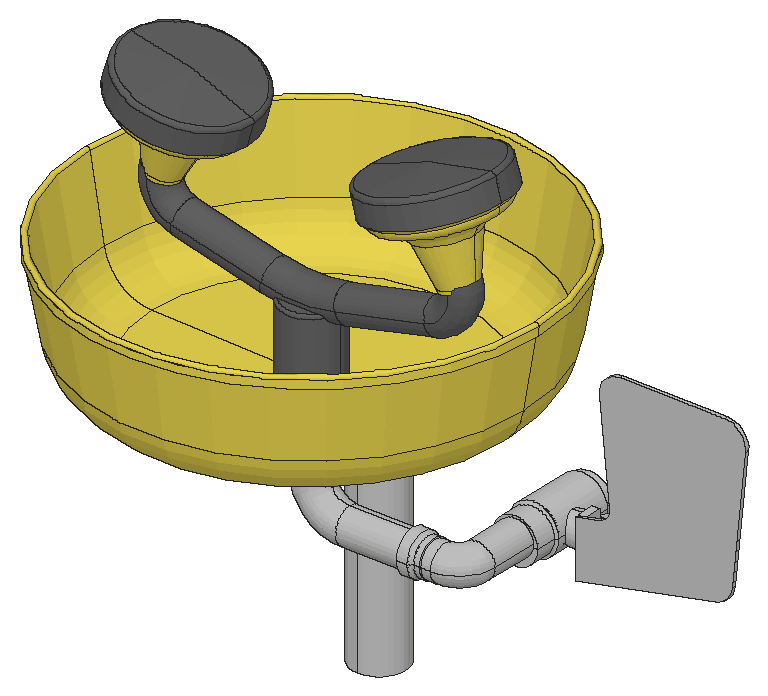
Revit family "Sanitary_Other_Encon-Safety_Supply-Pipe-Mount-Eye-Facewash-Yello-Bowl", category Plumbing Fixtures, Revit 2019
Family settings
  Round Connector Dimension = Use Diameter
  Part Type = Normal
  OmniClass Number = 23.45.05.14.24
  OmniClass Title = Eye Wash Fountains
  Work Plane-Based = No
  Always vertical = Yes
  Cut with Voids When Loaded = No
  Shared = No
  Room Calculation Point = No
Parameters (values of type "01035401")
  Width = 10.83"
  Waste Connection = yes
  WFU = 0
  Vent Connection = no
  URL = "https://enconsafety.com/"
  Supply Diameter = 1/2"
  Product data url = "https://www.bimobject.com/encon/product/Supply_Pipe_mount_eye-facewash_Yello-bowl_8_0_gpm_ABS_facewash_heads"
  Product Guid = "a9e1b66d-2297-400b-9eb1-f3def4c2ea32"
  Pedestal Material = Encon Safety Products - Metal - Stainless Steel
  Model = "01035401"
  Piping Material = Encon Safety Products - Plastic - PVC - Black
  Manufacturer = "Encon Safety Products"  # constant formula
  Keynote = "15410"
  Height = 9.77"
  Heads Material = Encon Safety Products - Plastic - Acetal - Yellow
  HWFU = 0
  HW Connection = no
  Fluid out Diameter = 1 1/4"
  Flow = 8 GPM
  Edition number = 1
  Drain Type = "slip joint tailpiece"
  Description = "Supply Pipe Mount Eye/Facewash Yello-Bowl®, 8.0 gpm ABS Facewash Heads"  # constant formula
  CWFU = 0
  CW Connection = yes
  Bowl Material = Encon Safety Products - Plastic - ABS - Yellow
  Assembly Code = "D2010600"
Reference planes (in)
  plane 1 "Center (Front/Back)": y = 0
  plane 2: z = 0
  plane 3 "Center (Left/Right)": x = 0
Forms (in)
  Revolve 1, solid, material "Encon Safety Products - Plastic - ABS - Yellow" <- "Bowl Material"
    sketch origin (0, 0, -0.0625) x (1, 0, 0) y (0, 0, 1)
      loop
        line (5.41702, 9.77048) -> (5.41702, 9.95334)
        arc (5.41702, 9.95334) -> (5.35392, 10.0222) -> (5.27983, 9.96534) r 0.06912
        line (5.27983, 9.96534) -> (4.94268, 8.0533)
        arc (4.94268, 8.0533) -> (4.54687, 7.36079) -> (3.80097, 7.07819) r 1.18024
        line (3.80097, 7.07819) -> (0.42132, 7.0192) -> (0.42132, 5.82009) -> (1.01057, 5.82009)
        arc (1.01057, 5.82009) -> (1.05455, 5.8383) -> (1.07276, 5.88228) r 0.06219
        line (1.07276, 5.88228) -> (1.07276, 6.47947) -> (3.98107, 6.96352)
        arc (3.98107, 6.96352) -> (4.69541, 7.32886) -> (5.06761, 8.03966) r 1.32402
        line (5.06761, 8.03966) -> (5.3728, 9.77048) -> (5.41702, 9.77048)
      axis (0, 9.96534) -> (0, 5.82009)
    angle from 0 to 360
  Sweep 2, solid, material "Encon Safety Products - Plastic - PVC - Black" <- "Piping Material"
    path origin (0, 0, -0.15625) x (1, 0, 0) y (0, 0, 1)
      loop
        arc (-3.55843, 10.39174) -> (-3.48723, 9.80097) -> (-3.00819, 9.44799) r 0.75
        line (-3.00819, 9.44799) -> (-0.88418, 8.95711)
        arc (-0.88418, 8.95711) -> (0, 8.85627) -> (0.88418, 8.95711) r 3.92665
        line (0.88418, 8.95711) -> (3.00819, 9.44799)
        arc (3.00819, 9.44799) -> (3.48723, 9.80097) -> (3.55843, 10.39174) r 0.75
    profile origin (-1.94618, 0, 9.0463) x (0.225174, 0, 0.974319) y (0, -1, 0)
      loop
        circle (0, 0) r 0.41
  Extrusion 3, solid, material "Encon Safety Products - Metal - Stainless Steel", detail levels fine
    sketch origin (-0.0625, 0, -0.125) x (1, 0, 0) y (0, 0, 1)
      loop
        arc (5.78791, 8.1475) -> (5.41634, 7.98207) -> (5.29065, 7.59524) r 0.5
        line (5.29065, 7.59524) -> (5.53674, 5.25384)
        arc (5.53674, 5.25384) -> (5.48078, 5.04501) -> (5.29947, 4.92727) r 0.30164
        line (5.29947, 4.92727) -> (4.73457, 4.80719) -> (4.73457, 3.4525) -> (8.06558, 4.16053)
        arc (8.06558, 4.16053) -> (8.3332, 4.31504) -> (8.45889, 4.59734) r 0.5
        line (8.45889, 4.59734) -> (8.77399, 7.59523)
        arc (8.77399, 7.59523) -> (8.6483, 7.98207) -> (8.27673, 8.1475) r 0.5
        line (8.27673, 8.1475) -> (5.78791, 8.1475)
    from -2.04498 to -2.11698
  Sweep 4, solid, material "Encon Safety Products - Metal - Stainless Steel" <- "Pedestal Material"
    path origin (0, 0, 0) x (-1, 0, 0) y (0, 0, -1)
      loop
        line (0, -6.15084) -> (0, -4.98971)
        arc (0, -4.98971) -> (-0.268, -4.34271) -> (-0.915, -4.07472) r 0.915
        line (-0.915, -4.07472) -> (-2.50787, -4.07472)
    profile origin (0, 0, 5.57028) x (0, -1, 0) y (1, 0, 0)
      loop
        circle (0, 0) r 0.42132
  Revolve 5, solid, material "Encon Safety Products - Metal - Stainless Steel" <- "Pedestal Material"
    sketch origin (3.62504, -180, 4.07595) x (0, -1, 0) y (1, 0, 0)
      loop
        line (-180.49599, -1.19819) -> (-180, -1.19819) -> (-180, -0.69717) -> (-180.43453, -0.69717) -> (-180.43453, -0.83983)
        arc (-180.43453, -0.83983) -> (-180.45097, -0.90212) -> (-180.49599, -0.94819) r 0.12627
        line (-180.49599, -0.94819) -> (-180.49599, -1.19819)
      axis (-180, -1.19819) -> (-180, -0.69717)
    angle from 0 to 360
  Revolve 6, solid, material "Encon Safety Products - Metal - Stainless Steel" <- "Pedestal Material"
    sketch origin (3.79692, -180, 4.00952) x (0, -1, 0) y (1, 0, 0)
      loop
        line (-183.76998, -0.1867) -> (-183.76998, -0.7167) -> (-183.54998, -0.7167) -> (-183.54998, -0.78211) -> (-182.12047, -0.78211)
        arc (-182.12047, -0.78211) -> (-182.10132, -0.73586) -> (-182.05507, -0.7167) r 0.0654
        line (-182.05507, -0.7167) -> (-181.56998, -0.7167) -> (-181.56998, -0.1867) -> (-183.76998, -0.1867)
      axis (-183.76998, -0.1867) -> (-181.56998, -0.1867)
    angle from 0 to 360
  Revolve 7, solid, material "Encon Safety Products - Metal - Stainless Steel" <- "Pedestal Material"
    sketch origin (0, 0, 0) x (0, 1, 0) y (0, 0, 1)
      loop
        line (2.9538, 6.93786) -> (2.01335, 6.93786) -> (2.01335, 0) -> (2.64032, 0) -> (2.64032, 5.82008) -> (2.9538, 5.82008) -> (2.9538, 6.93786)
      axis (2.01335, 6.93786) -> (2.01335, 0)
    angle from 0 to 360
  Revolve 8, solid, material "Encon Safety Products - Metal - Stainless Steel" <- "Pedestal Material", detail levels fine
    sketch origin (-0.03125, 2.66712, -0.07031) x (1, 0, 0) y (0, 0, 1)
      loop
        arc (4.10076, 4.4509) -> (4.20135, 4.27458) -> (4.23686, 4.07472) r 0.5954
        line (4.23686, 4.07472) -> (4.99172, 4.07472) -> (4.99172, 4.3566) -> (4.57687, 4.3566) -> (4.57687, 4.4509) -> (4.10076, 4.4509)
      axis (4.10076, 4.07472) -> (4.99172, 4.07472)
    angle from 0 to 360
  Extrusion 9, solid, material "Encon Safety Products - Metal - Stainless Steel", detail levels fine
    sketch origin (15.90852, -19.45522, -0.03493) x (0, 1, 0) y (0, 0, 1)
      loop
        line (21.56786, 4.73963) -> (21.56786, 3.38555) -> (22.49879, 3.38555) -> (22.49879, 3.94982) -> (22.62418, 3.94982) -> (22.62418, 4.33007) -> (22.14934, 4.4509) -> (21.96612, 4.4509) -> (21.96612, 4.73963) -> (21.56786, 4.73963)
    from -11.23645 to -11.05664
  Sweep 10, solid, material "Encon Safety Products - Metal - Stainless Steel" <- "Pedestal Material"
    path origin (3.62504, -180, 4.07595) x (0, -1, 0) y (1, 0, 0)
      loop
        line (-181.56998, -0.01483) -> (-180.43185, -0.01483)
        arc (-180.43185, -0.01483) -> (-180.12649, -0.14131) -> (-180, -0.44668) r 0.43185
        line (-180, -0.44668) -> (-180, -1.19819)
    profile origin (3.61022, 1.00092, 4.07595) x (1, 0, 0) y (0, 0, 1)
      loop
        circle (0, 0) r 0.41796
  Revolve 11, solid, material "Encon Safety Products - Plastic - PVC - Black" <- "Piping Material"
    sketch origin (0, 0, 0) x (1, 0, 0) y (0, 0, 1)
      loop
        line (-0.69373, 7.0192) -> (0, 7.0192) -> (0, 8.60911) -> (-0.62527, 8.60911)
        arc (-0.62527, 8.60911) -> (-0.67368, 8.58906) -> (-0.69373, 8.54066) r 0.06846
        line (-0.69373, 8.54066) -> (-0.69373, 7.0192)
      axis (0, 8.60911) -> (0, 7.0192)
    angle from 0 to 360
  Revolve 12, solid, material "Encon Safety Products - Plastic - Acetal - Yellow" <- "Heads Material"
    sketch origin (0, 0, 0) x (1, 0, 0) y (0, 0, 1)
      loop
        line (3.03065, 11.77717) -> (3.51685, 10.13579) -> (3.85865, 10.23703) -> (3.87258, 10.19002) -> (3.93254, 10.20778)
        arc (3.93254, 10.20778) -> (3.92434, 10.2523) -> (3.91684, 10.29695) r 2.88316
        line (3.91684, 10.29695) -> (3.90261, 11.33727)
        arc (3.90261, 11.33727) -> (4.05941, 11.65333) -> (4.34209, 11.86445) r 0.75951
        arc (4.34209, 11.86445) -> (4.44694, 11.96612) -> (4.45788, 12.11176) r 0.2057
        line (4.45788, 12.11176) -> (4.54737, 12.22645) -> (3.03065, 11.77717)
      axis (3.53077, 10.08877) -> (3.03065, 11.77717)
    angle from 0 to 360
  Revolve 13, solid, material "Encon Safety Products - Plastic - PVC - Black"
    sketch origin (0, 0, 0) x (1, 0, 0) y (0, 0, 1)
      loop
        line (3.03065, 11.77717) -> (4.54737, 12.22645) -> (4.38603, 12.73812)
        arc (4.38603, 12.73812) -> (4.33976, 12.79832) -> (4.26559, 12.81458) r 0.11075
        arc (4.26559, 12.81458) -> (3.53454, 12.68702) -> (2.8155, 12.50349) r 9.62047
        line (2.8155, 12.50349) -> (3.03065, 11.77717)
      axis (3.03065, 11.77717) -> (2.8155, 12.50349)
    angle from 0 to 360
  Revolve 14, solid, material "Encon Safety Products - Plastic - Acetal - Yellow" <- "Heads Material"
    sketch origin (0, 0, 0) x (-1, 0, 0) y (0, 0, 1)
      loop
        line (3.03065, 11.77717) -> (3.51685, 10.13579) -> (3.85865, 10.23703) -> (3.87258, 10.19002) -> (3.93254, 10.20778)
        arc (3.93254, 10.20778) -> (3.92434, 10.2523) -> (3.91684, 10.29695) r 2.88316
        line (3.91684, 10.29695) -> (3.90261, 11.33727)
        arc (3.90261, 11.33727) -> (4.05941, 11.65333) -> (4.34209, 11.86445) r 0.75951
        arc (4.34209, 11.86445) -> (4.44694, 11.96612) -> (4.45788, 12.11176) r 0.2057
        line (4.45788, 12.11176) -> (4.54737, 12.22645) -> (3.03065, 11.77717)
      axis (3.53077, 10.08877) -> (3.03065, 11.77717)
    angle from 0 to 360
  Revolve 15, solid, material "Encon Safety Products - Plastic - PVC - Black"
    sketch origin (0, 0, 0) x (-1, 0, 0) y (0, 0, 1)
      loop
        line (3.03065, 11.77717) -> (4.54737, 12.22645) -> (4.38603, 12.73812)
        arc (4.38603, 12.73812) -> (4.33976, 12.79832) -> (4.26559, 12.81458) r 0.11075
        arc (4.26559, 12.81458) -> (3.53454, 12.68702) -> (2.8155, 12.50349) r 9.62047
        line (2.8155, 12.50349) -> (3.03065, 11.77717)
      axis (3.03065, 11.77717) -> (2.8155, 12.50349)
    angle from 0 to 360
Lines and regions (in)
  Masking region 1
    outline origin (3.62504, -180, 36.625) x (0, -1, 0) y (1, 0, 0)
      loop
        circle (-180, -3.62504) r 5.41702
  Masking region 2
    outline origin (-3.62504, -180, 36.625) x (0, 1, 0) y (-1, 0, 0)
      loop
        arc (178.56163, -5.86189) -> (179.999, -8.16421) -> (181.43636, -5.86189) r 1.59984
        arc (181.43636, -5.86189) -> (179.999, -5.00136) -> (178.56163, -5.86189) r 1.63068
      loop
        arc (178.56163, -1.38819) -> (179.999, -2.24873) -> (181.43636, -1.38819) r 1.63068
        arc (181.43636, -1.38819) -> (179.999, 0.91412) -> (178.56163, -1.38819) r 1.59984
  Masking region 3
    outline origin (3.62504, -180, 36.625) x (0, -1, 0) y (1, 0, 0)
      loop
        arc (-180.41201, -5.05453) -> (-180.00599, -5.00137) -> (-179.59951, -5.05104) r 1.63068
        line (-179.59951, -5.05104) -> (-179.59951, -2.19904)
        arc (-179.59951, -2.19904) -> (-180.00599, -2.24871) -> (-180.41201, -2.19556) r 1.63068
        line (-180.41201, -2.19556) -> (-180.41201, -5.05453)
  Masking region 4, detail levels fine
    outline origin (3.62504, -180, 36.625) x (0, -1, 0) y (1, 0, 0)
      loop
        line (-180.41201, -4.18317) -> (-180.41201, -3.06692)
        arc (-180.41201, -3.06692) -> (-180.69065, -3.62504) -> (-180.41201, -4.18317) r 0.6983
      loop
        arc (-179.58799, -4.18317) -> (-179.30935, -3.62504) -> (-179.58799, -3.06692) r 0.6983
        line (-179.58799, -3.06692) -> (-179.58799, -4.18317)
  Masking region 5, detail levels fine
    outline origin (3.62504, -180, 36.625) x (0, -1, 0) y (1, 0, 0)
      loop
        line (-182.11698, 1.36118) -> (-182.04498, 1.39114) -> (-182.04498, 4.96419) -> (-182.11698, 4.96419) -> (-182.11698, 1.36118)
Dimensions and locks (in)
  aligned and locked: plane 2 to level
Connectors (in)
  piping at (0, 2.01335, 0), diameter 1.25, driven by "Fluid out Diameter", driven by "Flow", driven by "WFU"
    settings: on Revolve 7, index 1, connector inside diameter 24", connector length 0", flow factor 0, pipe flow 8 GPM, pressure drop 0.00 psi, fitting loss kfactor 0, connector angle 0.00°, fixture units 0, engagement length 0", angle of deflection 0.00°, flow configuration 3, flow direction 2, fitting loss method 0, system type 16, joint type 0, gender type 0, connector reference index -1, connector utility 0, adjustable connector no, is connector primary yes, connector description "1 1/4\" NPT Drain"
  piping at (3.61022, 3.76998, 4.00952), diameter 0.5, driven by "Supply Diameter", driven by "Flow", driven by "CWFU"
    settings: on Revolve 6, index 2, connector inside diameter 24", connector length 0", flow factor 0, pipe flow 8 GPM, pressure drop 0.00 psi, fitting loss kfactor 0, connector angle 0.00°, fixture units 0, engagement length 0", angle of deflection 0.00°, flow configuration 3, flow direction 1, fitting loss method 0, system type 20, joint type 0, gender type 0, connector reference index -1, connector utility 0, adjustable connector no, is connector primary no, connector description "1/2\" NPT Inlet"
